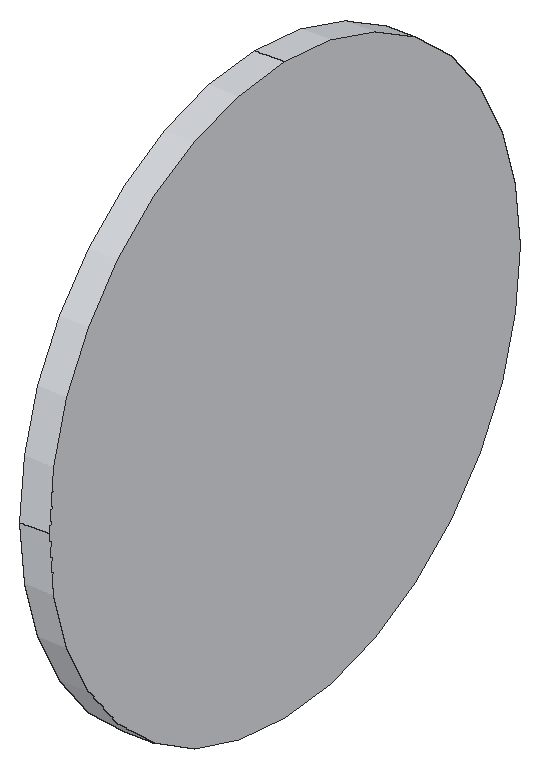
Revit family "M_Capa de extremidade redonda - DTL", category Conexões de duto, Revit 2019
Family settings
  Cota do conector redondo = Usar raio
  Tipo de parte = Cobertura
  Número OmniClass = 23.75.70.14
  Título OmniClass = Air Ductwork
  ID de item do Seek = Round Endcap - DTL-0000-CAN-ENU
  Com base no plano de trabalho = Não
  Sempre na vertical = Sim
  Corte com vazios quando carregada = Não
  Compartilhado = Não
Parameters (values of type "Padrão")
  built-in parameter 1114242 [instance] = (empty or 0)
  Raio [instance] = 250 mm
  Comprimento [instance] = 25 mm
  Diâmetro [instance] = Raio * 2  # 500 mm
Reference planes
  plane 1 "Centro (Frente/Trás)": y = 0
  plane 2: z = 0
  plane 3 "Centro (Esquerda/Direita)": x = 0
  plane 4: x = 25
  plane 5: x = 25.4
  plane 6: y = 250
  plane 7: y = -250
Forms (mm)
  Sweep 1, solid, detail levels medium+fine
    path in 3D
      loop
        line (0, 0, 0) -> (25, 0, 0)
    profile "M_Duto - Redondo : Duto - Redondo" origin (12.5, 0, 0) x (0, 1, 0) y (0, 0, 1)
      loop
        arc (-250, 0) -> (-176.777, -176.777) -> (0, -250) r 250
        arc (0, -250) -> (176.777, -176.777) -> (250, 0) r 250
        arc (250, 0) -> (176.777, 176.777) -> (0, 250) r 250
        arc (0, 250) -> (-176.777, 176.777) -> (-250, 0) r 250
Lines and regions (mm)
  reference lines
    curve 1: line (0, 0, 0) -> (25, 0, 0)
    curve 2: line (0, 0, 0) -> (25.4, 0, 0)
  sketch lines
    curve 3: line (0, 0, 0) -> (25, 0, 0)
  model lines, style "DuctFitting", detail levels coarse
    curve 4: line (0, 250, 0) -> (-101.6, 250, 0)
    curve 5: line (0, 250, 0) -> (0, -250, 0)
    curve 6: line (0, -250, 0) -> (-101.6, -250, 0)
Dimensions and locks
  "Comprimento": plane 3 "Centro (Esquerda/Direita)" to plane 4
  "Raio": plane 1 "Centro (Frente/Trás)" to plane 6
  "Raio": plane 1 "Centro (Frente/Trás)" to plane 7
  aligned and locked: plane 4 to curve 1
  aligned and locked: plane 3 "Centro (Esquerda/Direita)" to curve 1
  aligned and locked: plane 3 "Centro (Esquerda/Direita)" to curve 2
  aligned and locked: plane 6 to curve 4
  aligned and locked: curve 5 to plane 3 "Centro (Esquerda/Direita)"
  aligned and locked: plane 7 to curve 6
  aligned and locked: plane 1 "Centro (Frente/Trás)" to curve 1
Automatic sketch dimensions
  curve 2 to plane 5 = 0 mm
  curve 6 to curve 6 = 101.6 mm
  curve 4 to curve 4 = 101.6 mm
  curve 2 to plane 1 "Centro (Frente/Trás)" = 0 mm
Connectors
  hvac at (0, 0, 0), driven by "Raio"
    settings: on Sweep 1, index 1, duct flow 0.0 L/s, flow factor 0, pres drop 0.0 Pa, loss coef 0, conn angle 0.00°, conn width 304.8 mm, conn height 304.8 mm, conn diameter 500 mm, duct sys type 28, conn prof type 0, flow config 0, flow direction 0, loss method 0, conn ref index -1, conn util no, is conn primary yes, conn desc ""
